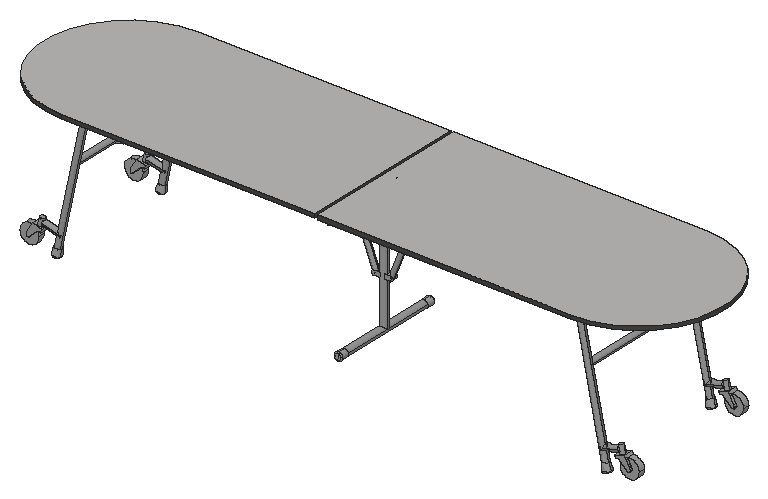
Revit family "23M El. 12 Long x 30 High WC", category Furniture, Revit 2016 (continued)
Automatic sketch dimensions
  Extrusion 55 sketch curve to Extrusion 55 sketch curve = 0' - 1.04904"
  Extrusion 55 sketch curve to Extrusion 55 sketch curve = 0' - 0.70096"
  Extrusion 56 sketch curve to plane 3 "Center Left/Right" = 0' - 0"
  plane 3 "Center Left/Right" to Extrusion 56 sketch curve = 0' - 0 5/16"
  plane 3 "Center Left/Right" to Extrusion 56 sketch curve = 0' - 1"
  Extrusion 56 sketch curve to Extrusion 56 sketch curve = 0' - 0.68301"
  Extrusion 56 sketch curve to Extrusion 56 sketch curve = 0' - 1.2141"
  Extrusion 56 sketch curve to plane 3 "Center Left/Right" = 0' - 0 5/16"
  level to Extrusion 56 sketch curve = 2' - 2.93116"
  Extrusion 56 sketch curve to Extrusion 56 sketch curve = 0' - 0.54127"
  Extrusion 56 sketch curve to Extrusion 56 sketch curve = 0' - 0.79127"
  Extrusion 56 sketch curve to Extrusion 56 sketch curve = 0' - 1.04904"
  Extrusion 56 sketch curve to Extrusion 56 sketch curve = 0' - 0.70096"
  Extrusion 57 sketch curve to plane 1 "Center Front/Back" = 1' - 1.83838"
  Extrusion 58 sketch curve to plane 1 "Center Front/Back" = 1' - 1.83838"
  Extrusion 59 sketch curve to plane 1 "Center Front/Back" = 1' - 1.83838"
  level to Extrusion 60 sketch curve = 0' - 2.60323"
  plane 3 "Center Left/Right" to Extrusion 60 sketch curve = 5' - 4.02662"
  level to Extrusion 60 sketch curve = 0' - 3.19045"
  Extrusion 60 sketch curve to Extrusion 60 sketch curve = 0' - 0.0982"
  level to Extrusion 60 sketch curve = 0' - 2.37748"
  Extrusion 60 sketch curve to Extrusion 60 sketch curve = 0' - 0.1639"
  Extrusion 60 sketch curve to Extrusion 60 sketch curve = 0' - 0.19297"
  level to Extrusion 60 sketch curve = 0' - 2.3319"
  Extrusion 60 sketch curve to Extrusion 60 sketch curve = 0' - 0.30329"
  level to Extrusion 60 sketch curve = 0' - 5.18826"
  Extrusion 60 sketch curve to Extrusion 60 sketch curve = 0' - 1.14473"
  level to Extrusion 60 sketch curve = 0' - 4.11073"
  Extrusion 60 sketch curve to Extrusion 60 sketch curve = 0' - 1.13066"
  level to Extrusion 60 sketch curve = 0' - 4.04579"
  Extrusion 60 sketch curve to Extrusion 60 sketch curve = 0' - 0.72713"
  level to Extrusion 60 sketch curve = 0' - 4.64752"
  level to Extrusion 61 sketch curve = 0' - 2.82768"
  plane 3 "Center Left/Right" to Extrusion 61 sketch curve = 5' - 3.63322"
  level to Revolve 62 sketch curve = 0' - 0.64671"
  plane 3 "Center Left/Right" to Revolve 62 sketch curve = 4' - 11.25577"
  level to Revolve 62 sketch curve = 0' - 0.43697"
  Revolve 62 sketch curve to Revolve 62 sketch curve = 0' - 0.08686"
  Revolve 62 sketch curve to Revolve 62 sketch curve = 0' - 0.15789"
  level to Revolve 62 sketch curve = 0' - 2.05625"
  Revolve 62 sketch curve to Revolve 62 sketch curve = 0' - 0.51303"
  level to Revolve 62 sketch curve = 0' - 0.27373"  (x2)
  Revolve 62 sketch curve to Revolve 62 sketch curve = 0' - 0.69699"
  Revolve 62 sketch curve to Revolve 62 sketch curve = 0' - 0"  (x2)
  level to Revolve 62 sketch curve = 0' - 1.90968"
  plane 1 "Center Front/Back" to Extrusion 63 sketch curve = 1' - 1.83838"
  plane 1 "Center Front/Back" to Extrusion 64 sketch curve = 1' - 1.83838"
  plane 1 "Center Front/Back" to Extrusion 65 sketch curve = 1' - 1.83838"
  level to Extrusion 66 sketch curve = 0' - 2.60323"
  plane 3 "Center Left/Right" to Extrusion 66 sketch curve = 5' - 4.02662"
  level to Extrusion 66 sketch curve = 0' - 3.19045"
  Extrusion 66 sketch curve to Extrusion 66 sketch curve = 0' - 0.0982"
  level to Extrusion 66 sketch curve = 0' - 2.37748"
  Extrusion 66 sketch curve to Extrusion 66 sketch curve = 0' - 0.1639"
  Extrusion 66 sketch curve to Extrusion 66 sketch curve = 0' - 0.19297"
  level to Extrusion 66 sketch curve = 0' - 2.3319"
  Extrusion 66 sketch curve to Extrusion 66 sketch curve = 0' - 0.30329"
  level to Extrusion 66 sketch curve = 0' - 5.18826"
  Extrusion 66 sketch curve to Extrusion 66 sketch curve = 0' - 1.14473"
  level to Extrusion 66 sketch curve = 0' - 4.11073"
  Extrusion 66 sketch curve to Extrusion 66 sketch curve = 0' - 1.13066"
  level to Extrusion 66 sketch curve = 0' - 4.04579"
  Extrusion 66 sketch curve to Extrusion 66 sketch curve = 0' - 0.72713"
  level to Extrusion 66 sketch curve = 0' - 4.64752"
  level to Extrusion 67 sketch curve = 0' - 2.82768"
  plane 3 "Center Left/Right" to Extrusion 67 sketch curve = 5' - 3.63322"
  level to Revolve 68 sketch curve = 0' - 0.64671"
  plane 3 "Center Left/Right" to Revolve 68 sketch curve = 4' - 11.25577"
  level to Revolve 68 sketch curve = 0' - 0.43697"
  Revolve 68 sketch curve to Revolve 68 sketch curve = 0' - 0.08686"
  Revolve 68 sketch curve to Revolve 68 sketch curve = 0' - 0.15789"
  level to Revolve 68 sketch curve = 0' - 2.05625"
  Revolve 68 sketch curve to Revolve 68 sketch curve = 0' - 0.51303"
  level to Revolve 68 sketch curve = 0' - 0.27373"  (x2)
  Revolve 68 sketch curve to Revolve 68 sketch curve = 0' - 0.69699"
  Revolve 68 sketch curve to Revolve 68 sketch curve = 0' - 0"  (x2)
  level to Revolve 68 sketch curve = 0' - 1.90968"
  level to Extrusion 69 sketch curve = 1' - 7.27492"
  plane 3 "Center Left/Right" to Extrusion 69 sketch curve = 4' - 6.37605"
  plane 1 "Center Front/Back" to Extrusion 70 sketch curve = 0' - 0"
  level to Extrusion 71 sketch curve = 1' - 7.85089"
  plane 3 "Center Left/Right" to Extrusion 71 sketch curve = 4' - 6.13341"
  level to Extrusion 71 sketch curve = 1' - 6.88364"
  Extrusion 71 sketch curve to Extrusion 71 sketch curve = 0' - 0.25918"
  level to Extrusion 71 sketch curve = 1' - 8.45383"
  Extrusion 71 sketch curve to Extrusion 71 sketch curve = 0' - 1.85497"
  Extrusion 71 sketch curve to Extrusion 71 sketch curve = 0' - 0.15456"  (x2)
  level to Extrusion 71 sketch curve = 1' - 7.50281"
  Sweep 72 sketch curve to plane 3 "Center Left/Right" = 0' - 0"
  plane 3 "Center Left/Right" to Sweep 72 sketch curve = 2' - 5.46529"
  Sweep 72 sketch curve to Sweep 72 sketch curve = 0' - 0.25615"
  Sweep 72 sketch curve to Sweep 72 sketch curve = 0' - 0.48982"
  level to Sweep 72 sketch curve = 1' - 10.7266"
  Sweep 72 sketch curve to Sweep 72 sketch curve = 0' - 2.90577"
  level to Sweep 72 sketch curve = 1' - 7.85107"
  Sweep 72 sketch curve to Sweep 72 sketch curve = 1' - 10.51975"
  level to Sweep 72 sketch curve = 2' - 4.26269"
  Sweep 72 sketch curve to profile plane = 0' - 0"
  Sweep 72 sketch curve to profile plane = 0' - 0.00202"
  Extrusion 74 sketch curve to plane 1 "Center Front/Back" = 1' - 2.4397"
  plane 1 "Center Front/Back" to Extrusion 74 sketch curve = 1' - 2.4397"
  Extrusion 74 sketch curve to Extrusion 74 sketch curve = 0' - 0"  (x4)
  plane 1 "Center Front/Back" to Extrusion 74 sketch curve = 0' - 2.6994"
  Extrusion 74 sketch curve to Extrusion 74 sketch curve = 3' - 8.75047"
  Extrusion 74 sketch curve to Extrusion 74 sketch curve = 0' - 10 1/4"  (x2)
  Extrusion 74 sketch curve to Extrusion 74 sketch curve = 0' - 0 1/8"  (x4)
  Extrusion 74 sketch curve to plane 1 "Center Front/Back" = 0' - 2.9406"
  plane 3 "Center Left/Right" to Extrusion 75 sketch curve = 0' - 0.71439"
  level to Extrusion 75 sketch curve = 6' - 6.61101"
  Extrusion 75 sketch curve to Extrusion 75 sketch curve = 0' - 0.53109"
  Extrusion 75 sketch curve to Extrusion 75 sketch curve = 0' - 1.2141"
  Extrusion 75 sketch curve to Extrusion 75 sketch curve = 0' - 1.37051"
  Extrusion 75 sketch curve to Extrusion 75 sketch curve = 0' - 0 5/16"  (x2)
  Extrusion 75 sketch curve to Extrusion 75 sketch curve = 0' - 0 1/4"
  Extrusion 75 sketch curve to Extrusion 75 sketch curve = 0' - 0.54127"
  Extrusion 75 sketch curve to Extrusion 75 sketch curve = 0' - 1.04904"
  Extrusion 75 sketch curve to Extrusion 75 sketch curve = 0' - 0.70096"
  plane 3 "Center Left/Right" to Extrusion 76 sketch curve = 0' - 0.71439"
  level to Extrusion 76 sketch curve = 6' - 6.61101"
  Extrusion 76 sketch curve to Extrusion 76 sketch curve = 0' - 0.53109"
  Extrusion 76 sketch curve to Extrusion 76 sketch curve = 0' - 1.2141"
  Extrusion 76 sketch curve to Extrusion 76 sketch curve = 0' - 1.37051"
  Extrusion 76 sketch curve to Extrusion 76 sketch curve = 0' - 0 5/16"  (x2)
  Extrusion 76 sketch curve to Extrusion 76 sketch curve = 0' - 0 1/4"
  Extrusion 76 sketch curve to Extrusion 76 sketch curve = 0' - 0.54127"
  Extrusion 76 sketch curve to Extrusion 76 sketch curve = 0' - 1.04904"
  Extrusion 76 sketch curve to Extrusion 76 sketch curve = 0' - 0.70096"
  plane 1 "Center Front/Back" to Extrusion 77 sketch curve = 0' - 0"
  Extrusion 78 sketch curve to plane 1 "Center Front/Back" = 1' - 1.83838"
  Extrusion 79 sketch curve to plane 1 "Center Front/Back" = 1' - 1.83838"
  Extrusion 80 sketch curve to plane 1 "Center Front/Back" = 1' - 1.83838"
  level to Extrusion 81 sketch curve = 0' - 1.77366"
  plane 3 "Center Left/Right" to Extrusion 81 sketch curve = 1' - 4.81577"
  Extrusion 81 sketch curve to Extrusion 81 sketch curve = 0' - 0.0982"
  Extrusion 81 sketch curve to Extrusion 81 sketch curve = 0' - 0.1639"
  Extrusion 81 sketch curve to Extrusion 81 sketch curve = 0' - 0.19297"
  Extrusion 81 sketch curve to Extrusion 81 sketch curve = 0' - 0.30329"
  Extrusion 81 sketch curve to Extrusion 81 sketch curve = 0' - 1.14473"
  Extrusion 81 sketch curve to Extrusion 81 sketch curve = 0' - 1.13066"
  Extrusion 81 sketch curve to Extrusion 81 sketch curve = 0' - 0.72713"
  Extrusion 81 sketch curve to Extrusion 81 sketch curve = 0' - 0.16116"
  Extrusion 81 sketch curve to Extrusion 81 sketch curve = 0' - 0.03227"
  Extrusion 81 sketch curve to Extrusion 81 sketch curve = 0' - 0.04557"
  Extrusion 81 sketch curve to Extrusion 81 sketch curve = 0' - 0.58722"
  Extrusion 81 sketch curve to Extrusion 81 sketch curve = 0' - 0.85534"
  Extrusion 81 sketch curve to Extrusion 81 sketch curve = 0' - 0.06493"
  Extrusion 81 sketch curve to Extrusion 81 sketch curve = 0' - 0.60173"
  level to Extrusion 82 sketch curve = 0' - 2.10405"
  plane 3 "Center Left/Right" to Extrusion 82 sketch curve = 1' - 4.50596"
  level to Revolve 83 sketch curve = 0' - 1.30962"
  plane 3 "Center Left/Right" to Revolve 83 sketch curve = 0' - 11.68024"
  Revolve 83 sketch curve to Revolve 83 sketch curve = 0' - 0.08686"
  Revolve 83 sketch curve to Revolve 83 sketch curve = 0' - 0.15789"
  Revolve 83 sketch curve to Revolve 83 sketch curve = 0' - 0.51303"
  Revolve 83 sketch curve to Revolve 83 sketch curve = 0' - 0.69699"
  Revolve 83 sketch curve to Revolve 83 sketch curve = 0' - 0.68958"
  Revolve 83 sketch curve to Revolve 83 sketch curve = 0' - 0.05747"
  Revolve 83 sketch curve to Revolve 83 sketch curve = 0' - 0.31552"
  Revolve 83 sketch curve to Revolve 83 sketch curve = 0' - 0"  (x4)
  plane 1 "Center Front/Back" to Extrusion 84 sketch curve = 1' - 1.83838"
  plane 1 "Center Front/Back" to Extrusion 85 sketch curve = 1' - 1.83838"
  plane 1 "Center Front/Back" to Extrusion 86 sketch curve = 1' - 1.83838"
  level to Extrusion 87 sketch curve = 0' - 1.77366"
  plane 3 "Center Left/Right" to Extrusion 87 sketch curve = 1' - 4.81577"
  Extrusion 87 sketch curve to Extrusion 87 sketch curve = 0' - 0.0982"
  Extrusion 87 sketch curve to Extrusion 87 sketch curve = 0' - 0.1639"
  Extrusion 87 sketch curve to Extrusion 87 sketch curve = 0' - 0.19297"
  Extrusion 87 sketch curve to Extrusion 87 sketch curve = 0' - 0.30329"
  Extrusion 87 sketch curve to Extrusion 87 sketch curve = 0' - 1.14473"
  Extrusion 87 sketch curve to Extrusion 87 sketch curve = 0' - 1.13066"
  Extrusion 87 sketch curve to Extrusion 87 sketch curve = 0' - 0.72713"
  Extrusion 87 sketch curve to Extrusion 87 sketch curve = 0' - 0.16116"
  Extrusion 87 sketch curve to Extrusion 87 sketch curve = 0' - 0.58722"
  Extrusion 87 sketch curve to Extrusion 87 sketch curve = 0' - 0.85534"
  Extrusion 87 sketch curve to Extrusion 87 sketch curve = 0' - 0.06493"
  Extrusion 87 sketch curve to Extrusion 87 sketch curve = 0' - 0.60173"
  Extrusion 87 sketch curve to Extrusion 87 sketch curve = 0' - 0.03227"
  Extrusion 87 sketch curve to Extrusion 87 sketch curve = 0' - 0.04557"
  level to Extrusion 88 sketch curve = 0' - 2.10405"
  plane 3 "Center Left/Right" to Extrusion 88 sketch curve = 1' - 4.50596"
  level to Revolve 89 sketch curve = 0' - 1.30962"
  plane 3 "Center Left/Right" to Revolve 89 sketch curve = 0' - 11.68024"
  Revolve 89 sketch curve to Revolve 89 sketch curve = 0' - 0.08686"
  Revolve 89 sketch curve to Revolve 89 sketch curve = 0' - 0.15789"
  Revolve 89 sketch curve to Revolve 89 sketch curve = 0' - 0.51303"
  Revolve 89 sketch curve to Revolve 89 sketch curve = 0' - 0.69699"
  Revolve 89 sketch curve to Revolve 89 sketch curve = 0' - 0.68958"
  Revolve 89 sketch curve to Revolve 89 sketch curve = 0' - 1.26296"
  Revolve 89 sketch curve to Revolve 89 sketch curve = 0' - 0.14658"
  Revolve 89 sketch curve to Revolve 89 sketch curve = 0' - 0"  (x4)
  plane 3 "Center Left/Right" to Extrusion 90 sketch curve = 1' - 0.50553"
  level to Extrusion 90 sketch curve = 1' - 8.54866"
  plane 3 "Center Left/Right" to Extrusion 91 sketch curve = 1' - 0.44336"
  level to Extrusion 91 sketch curve = 1' - 9.17056"
  Extrusion 91 sketch curve to Extrusion 91 sketch curve = 0' - 0.25918"
  Extrusion 91 sketch curve to Extrusion 91 sketch curve = 0' - 1.85497"
  Extrusion 91 sketch curve to Extrusion 91 sketch curve = 0' - 0.15456"  (x2)
  Extrusion 91 sketch curve to Extrusion 91 sketch curve = 0' - 0.34808"
  Extrusion 91 sketch curve to Extrusion 91 sketch curve = 0' - 0.96726"
  Extrusion 91 sketch curve to Extrusion 91 sketch curve = 0' - 0.47551"
  plane 3 "Center Left/Right" to Sweep 92 sketch curve = 0' - 7.77541"
  Sweep 92 sketch curve to Sweep 92 sketch curve = 0' - 0.10267"
  Sweep 92 sketch curve to Sweep 92 sketch curve = 0' - 2.97651"
  level to Sweep 92 sketch curve = 3' - 8.05679"
  Sweep 92 sketch curve to Sweep 92 sketch curve = 0' - 0.37471"
  plane 3 "Center Left/Right" to Sweep 92 sketch curve = 0' - 10.66963"
  Sweep 92 sketch curve to plane 3 "Center Left/Right" = 0' - 1.86825"
  level to Sweep 92 sketch curve = 1' - 9.44157"
  Sweep 92 sketch curve to Sweep 92 sketch curve = 2' - 7.85172"
  Sweep 92 sketch curve to profile plane = 0' - 0"  (x2)
  Extrusion 1 sketch curve to plane 3 "Center Left/Right" = 0' - 0 3/8"
  Extrusion 27 sketch curve to Extrusion 27 sketch curve = 4' - 11 5/8"
  plane 3 "Center Left/Right" to Extrusion 53 sketch curve = 0' - 0 3/8"
  Extrusion 73 sketch curve to Extrusion 73 sketch curve = 4' - 11 5/8"
  radius of Extrusion 5 sketch curve = 0' - 0 5/8"
  radius of Extrusion 6 sketch curve = 0' - 0 1/2"
  radius of Extrusion 7 sketch curve = 0' - 0 5/8"
  radius of Extrusion 9 sketch curve = 0' - 2"
  radius of Extrusion 11 sketch curve = 0' - 0 5/8"
  radius of Extrusion 12 sketch curve = 0' - 0 1/2"
  radius of Extrusion 13 sketch curve = 0' - 0 5/8"
  radius of Extrusion 15 sketch curve = 0' - 2"
  radius of Extrusion 17 sketch curve = 0' - 0 5/8"
  radius of Extrusion 18 sketch curve = 0' - 0 3/4"
  radius of Extrusion 21 sketch curve = 0' - 0 3/4"
  radius of Extrusion 22 sketch curve = 0' - 0 1/2"
  radius of Sweep 25 sketch curve = 0' - 0 1/2"
  radius of Extrusion 26 sketch curve = 0' - 0 3/4"
  radius of Extrusion 31 sketch curve = 0' - 0 3/4"
  radius of Extrusion 36 sketch curve = 0' - 0 3/4"
  radius of Extrusion 37 sketch curve = 0' - 0 3/4"
  radius of Extrusion 38 sketch curve = 0' - 0 5/8"
  radius of Extrusion 39 sketch curve = 0' - 0 1/2"
  radius of Extrusion 40 sketch curve = 0' - 0 5/8"
  radius of Extrusion 42 sketch curve = 0' - 2"
  radius of Extrusion 44 sketch curve = 0' - 0 5/8"
  radius of Extrusion 45 sketch curve = 0' - 0 1/2"
  radius of Extrusion 46 sketch curve = 0' - 0 5/8"
  radius of Extrusion 48 sketch curve = 0' - 2"
  radius of Extrusion 50 sketch curve = 0' - 0 5/8"
  radius of Extrusion 34 sketch curve = 0' - 0 1/2"
  radius of Sweep 52 sketch curve = 0' - 0 1/2"
  radius of Extrusion 57 sketch curve = 0' - 0 5/8"
  radius of Extrusion 58 sketch curve = 0' - 0 1/2"
  radius of Extrusion 59 sketch curve = 0' - 0 5/8"
  radius of Extrusion 61 sketch curve = 0' - 2"
  radius of Extrusion 63 sketch curve = 0' - 0 5/8"
  radius of Extrusion 64 sketch curve = 0' - 0 1/2"
  radius of Extrusion 65 sketch curve = 0' - 0 5/8"
  radius of Extrusion 67 sketch curve = 0' - 2"
  radius of Extrusion 69 sketch curve = 0' - 0 5/8"
  radius of Extrusion 70 sketch curve = 0' - 0 1/2"
  radius of Sweep 72 sketch curve = 0' - 0 1/2"
  radius of Extrusion 77 sketch curve = 0' - 0 1/2"
  radius of Extrusion 78 sketch curve = 0' - 0 5/8"
  radius of Extrusion 79 sketch curve = 0' - 0 1/2"
  radius of Extrusion 80 sketch curve = 0' - 0 5/8"
  radius of Extrusion 82 sketch curve = 0' - 2"
  radius of Extrusion 84 sketch curve = 0' - 0 5/8"
  radius of Extrusion 85 sketch curve = 0' - 0 1/2"
  radius of Extrusion 86 sketch curve = 0' - 0 5/8"
  radius of Extrusion 88 sketch curve = 0' - 2"
  radius of Extrusion 90 sketch curve = 0' - 0 5/8"
  radius of Sweep 92 sketch curve = 0' - 0 1/2"
Types (3): name | Width | Model
  (no name) | 3' - 0" | "23M15303612EL"
  23M15303012EL | 2' - 6" | "23M15303012EL"
  23M15303612EL | 3' - 0" | "23M15303612EL"
